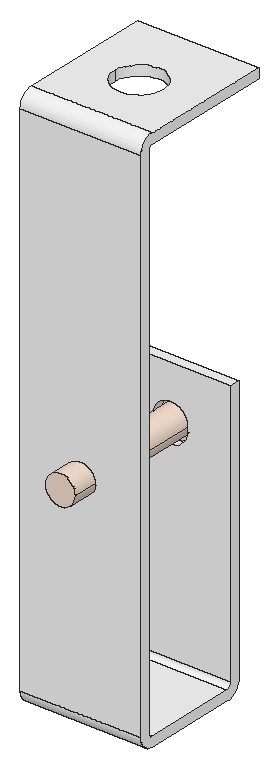
Revit family "40×20ビス付ハンガー(内折れ)", category 機械設備, Revit 2020
Family settings
  丸型コネクタ寸法 = 直径を使用
  種別 = なし
  パーツ タイプ = 標準
  作業面ベース = いいえ
  常に垂直 = はい
  ロード時にボイドで切り取り = いいえ
  共有 = いいえ
  部屋計算ポイント = いいえ
Parameters
  製造元 = "株式会社桐井製作所"
  既定の高さ = 0 mm
  URL = "https://www.kirii.co.jp/"
  K_材質 = "SGHC　一般用"
  K_品名 = "40×20ビス付ハンガー(内折れ)"
  K_名称 = "その他ハンガー"
  K_入数 = "200"
  K_バージョン情報 = "20211012"
  K_めっき付着量 = "Z12"
  K_JIS規格 = "JIS G 3302"
Reference planes
  plane 1 "中心(正面/背面)": y = 0
  plane 2: z = 0
  plane 3 "中心(左/右)": x = 0
  plane 4: x = 12.25
  plane 5: x = -12.25
Forms (mm)
  Extrusion 1, void
    sketch origin (0, 45.021, -44.6) x (1, 0, 0) y (0, 1, 0)
      loop
        circle (0, -32.029) r 5
    from 152.6 to 154.6
  Extrusion 2, solid
    sketch origin (2.5, 0, 0) x (0, 1, 0) y (0, 0, 1)
      loop
        line (0, 1) -> (0, 107)
        arc (0, 107) -> (0.293, 107.707) -> (1, 108) r 1
        line (1, 108) -> (28, 108) -> (28, 110) -> (1, 110)
        arc (1, 110) -> (-1.121, 109.121) -> (-2, 107) r 3
        line (-2, 107) -> (-2, 1)
        arc (-2, 1) -> (-1.121, -1.121) -> (1, -2) r 3
        line (1, -2) -> (20, -2)
        arc (20, -2) -> (22.121, -1.121) -> (23, 1) r 3
        line (23, 1) -> (23, 55) -> (21, 55) -> (21, 1)
        arc (21, 1) -> (20.707, 0.293) -> (20, 0) r 1
        line (20, 0) -> (1, 0)
        arc (1, 0) -> (0.293, 0.293) -> (0, 1) r 1
    from -14.75 to 9.75
  Extrusion 3, void
    sketch origin (0, 0, 0) x (1, 0, 0) y (0, 0, 1)
      loop
        circle (0, 44) r 3
    from 0 to 2
  Extrusion 4, void
    sketch origin (0, 0, 0) x (1, 0, 0) y (0, 0, 1)
      loop
        arc (-3.5, 43.5) -> (0, 40) -> (3.5, 43.5) r 3.5
        line (3.5, 43.5) -> (3.5, 44.5)
        arc (3.5, 44.5) -> (0, 48) -> (-3.5, 44.5) r 3.5
        line (-3.5, 44.5) -> (-3.5, 43.5)
    from -23 to -21
Cuts and joins
  Extrusion 1, Extrusion 3, Extrusion 4 cuts Extrusion 2
Dimensions and locks
  aligned and locked: level to plane 2
Nested families
  nested 1: "M6×30ボルト" at (-0.011, 23, 44.201) x (-1, 0, 0) z (0, 0, 1), type "M6×30ボルト"
Definition of nested family "M6×30ボルト"
  Parameters (values of type "M6×30ボルト")
    Manufacturer = "株式会社桐井製作所"
    Default Elevation = 0 mm
    URL = "https://www.kirii.co.jp/"
    K_名称 = "M6×30ボルト"
  Reference planes
    plane 1 "中心(正面/背面)": y = 0
    plane 2: z = 0
    plane 3 "中心(左/右)": x = 0
    plane 4 "正面": y = -4
  Forms (mm)
    Extrusion 1, solid
      sketch origin (0, 0, 0) x (1, 0, 0) y (0, 0, 1)
        loop
          line (-4.763, -2.946) -> (0, -5.696) -> (4.763, -2.946) -> (4.763, 2.554) -> (0, 5.304) -> (-4.763, 2.554) -> (-4.763, -2.946)
      from 0 to 4
    Extrusion 2, void
      sketch origin (0, -4, 0) x (-1, 0, 0) y (0, 0, 1)
        loop
          circle (0, -0.156) r 4.396
      from 0 to 1
    Extrusion 3, void
      sketch origin (0, -4, 0) x (-1, 0, 0) y (0, 0, 1)
        loop
          arc (-0.6, 1.814) -> (-1.069, 0.856) -> (-2.036, 0.404) r 1.605
          line (-2.036, 0.404) -> (-2.939, 0.404)
          arc (-2.939, 0.404) -> (-3, -0.195) -> (-2.94, -0.795) r 3
          line (-2.94, -0.795) -> (-2.049, -0.795)
          arc (-2.049, -0.795) -> (-1.074, -1.243) -> (-0.6, -2.206) r 1.605
          line (-0.6, -2.206) -> (-0.6, -3.135)
          arc (-0.6, -3.135) -> (0, -3.196) -> (0.6, -3.135) r 3
          line (0.6, -3.135) -> (0.6, -2.206)
          arc (0.6, -2.206) -> (1.074, -1.243) -> (2.049, -0.795) r 1.605
          line (2.049, -0.795) -> (2.94, -0.795)
          arc (2.94, -0.795) -> (3, -0.198) -> (2.941, 0.398) r 3
          line (2.941, 0.398) -> (2.117, 0.398)
          arc (2.117, 0.398) -> (1.098, 0.828) -> (0.6, 1.814) r 1.605
          line (0.6, 1.814) -> (0.6, 2.743)
          arc (0.6, 2.743) -> (0, 2.804) -> (-0.6, 2.743) r 3
          line (-0.6, 2.743) -> (-0.6, 1.814)
      from 0 to 2
    Extrusion 4, solid
      sketch origin (0, 0, 0) x (1, 0, 0) y (0, 0, 1)
        loop
          circle (-0.011, -0.2) r 3
      from 0 to -30
  Cuts and joins
    Extrusion 2, Extrusion 3 cuts Extrusion 1
    joined: Extrusion 1, Extrusion 4
  Dimensions and locks
    aligned and locked: level to plane 2
